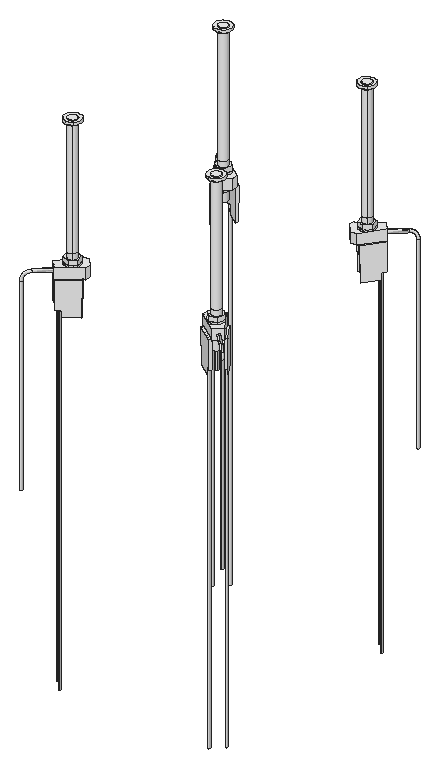
Revit family "ab9f1b93e9e94cec91088c0c75b12db6", category Structural Connections, host Face, Revit 2021
Family settings
  Host = Face
  Material for Model Behavior = Other
  Enable cutting in views = No
  Cut with Voids When Loaded = Yes
  Shared = No
Parameters (values of type "HCC 39-1450H")
  l = 2' - 11.43307"
  h [instance] = 2' - 7.49606"
  f = 0' - 6.49606"
  b [instance] = 1' - 11.62205"
  a = 0' - 1.9685"
  X = 0' - 1.45669"
  Type Comments = "Mountingpart"
  T = 0' - 1.77165"
  Phi = 0' - 2.16535"
  L [instance] = 4' - 11.05512"
  K = 0' - 7.67717"
  E = 0' - 2.3622"
  Default Elevation = 0' - 0"
  D = 0' - 9.64567"
  Column Shoe Type = Column Shoe and Anchor Bolt : HCC 39-1450H
  Column Shoe Material [instance] = Metal - Steel - S235
  C = 0' - 6.1811"
Types (10): name | l | h | f | b | a | X | T | Phi | K | D | Column Shoe Type | C
  HCC 39-1450H | 2' - 11.43307" | 2' - 7.49606" | 0' - 6.49606" | 1' - 11.62205" | 0' - 1.9685" | 0' - 1.45669" | 0' - 1.77165" | 0' - 2.16535" | 0' - 7.67717" | 0' - 9.64567" | Column Shoe and Anchor Bolt : HCC 39-1450H | 0' - 6.1811"
  HCC 39-1450S | 2' - 11.43307" | 4' - 11.05512" | 0' - 6.49606" | 3' - 3.37008" | 0' - 1.9685" | 0' - 1.45669" | 0' - 1.77165" | 0' - 2.16535" | 0' - 7.67717" | 0' - 9.64567" | Column Shoe and Anchor Bolt : HCC 39-1450S | 0' - 6.1811"
  HCC M36-1650H | 3' - 3.37008" | 4' - 11.05512" | 0' - 6.49606" | 3' - 3.37008" | 0' - 2.16535" | 0' - 1.45669" | 0' - 1.9685" | 0' - 2.16535" | 0' - 7.67717" | 0' - 9.64567" | Column Shoe and Anchor Bolt : HCC M36-1650H | 0' - 6.1811"
  HCC M36-1650S | 3' - 3.37008" | 4' - 11.05512" | 0' - 6.49606" | 3' - 3.37008" | 0' - 2.16535" | 0' - 1.45669" | 0' - 1.9685" | 0' - 2.16535" | 0' - 7.67717" | 0' - 9.64567" | Column Shoe and Anchor Bolt : HCC M36-1650S | 0' - 6.1811"
  HCC M39-1650H | 3' - 3.37008" | 4' - 11.05512" | 0' - 7.28346" | 3' - 3.37008" | 0' - 2.16535" | 0' - 1.45669" | 0' - 2.16535" | 0' - 2.16535" | 0' - 8.22835" | 0' - 10.51181" | Column Shoe and Anchor Bolt : HCC M39-1650H | 0' - 6.77165"
  HCC M39-1650S | 3' - 3.37008" | 4' - 11.05512" | 0' - 7.28346" | 3' - 3.37008" | 0' - 2.16535" | 0' - 1.45669" | 0' - 2.16535" | 0' - 2.16535" | 0' - 8.22835" | 0' - 10.51181" | Column Shoe and Anchor Bolt : HCC M39-1650S | 0' - 6.77165"
  HCC M45-2070H | 4' - 9.48031" | 4' - 11.05512" | 0' - 7.67717" | 3' - 3.37008" | 0' - 2.55906" | 0' - 1.45669" | 0' - 2.3622" | 0' - 2.55906" | 0' - 9.68504" | 1' - 0.48031" | Column Shoe and Anchor Bolt : HCC M45-2070H | 0' - 8.14961"
  HCC M45-2070S | 4' - 9.48031" | 4' - 11.05512" | 0' - 7.67717" | 3' - 3.37008" | 0' - 2.55906" | 0' - 1.45669" | 0' - 2.3622" | 0' - 2.55906" | 0' - 9.68504" | 1' - 0.48031" | Column Shoe and Anchor Bolt : HCC M45-2070S | 0' - 8.14961"
  HCC M52-2290H | 4' - 9.08661" | 4' - 11.05512" | 0' - 9.44882" | 3' - 3.37008" | 0' - 2.75591" | 0' - 1.37795" | 0' - 2.75591" | 0' - 2.75591" | 0' - 11.02362" | 1' - 2.40945" | Column Shoe and Anchor Bolt : HCC M52-2290H | 0' - 9.13386"
  HCC M52-2290S | 4' - 9.08661" | 4' - 11.05512" | 0' - 9.44882" | 3' - 3.37008" | 0' - 2.75591" | 0' - 1.37795" | 0' - 2.75591" | 0' - 2.75591" | 0' - 11.02362" | 1' - 2.40945" | Column Shoe and Anchor Bolt : HCC M52-2290S | 0' - 9.13386"
Reference planes (in)
  plane 1 "Center (Front/Back)": y = 0
  plane 2: z = 0
  plane 3 "Center (Left/Right)": x = 0
  plane 4: y = 15.74803
  plane 5: y = -15.74803
  plane 6: x = -11.81102
  plane 7: x = 11.81102
  plane 8: y = 14.29134
  plane 9: x = -10.35433
  plane 10: y = -14.29134
  plane 11: x = 10.35433
  plane 12: y = 7.87402
  plane 13: y = -7.87402
Lines and regions (in)
  reference lines
    curve 1: line (-11.81102, -15.74803, 0) -> (11.81102, 7.87402, 0)
    curve 2: line (-11.81102, 15.74803, 0) -> (11.81102, -7.87402, 0)
    curve 3: line (11.81102, 15.74803, 0) -> (-11.81102, -7.87402, 0)
    curve 4: line (11.81102, -15.74803, 0) -> (-11.81102, 7.87402, 0)
    curve 5: line (-10.35433, 15.74803, 0) -> (-11.81102, 14.29134, 0)
    curve 6: line (10.35433, 15.74803, 0) -> (11.81102, 14.29134, 0)
    curve 7: line (-11.81102, -14.29134, 0) -> (-10.35433, -15.74803, 0)
    curve 8: line (10.35433, -15.74803, 0) -> (11.81102, -14.29134, 0)
Dimensions and locks (in)
  equal spacing: plane 4, plane 1 "Center (Front/Back)", plane 5
  "h": plane 4 to plane 5
  equal spacing: plane 6, plane 3 "Center (Left/Right)", plane 7
  "b": plane 6 to plane 7
  "b": plane 12 to plane 5
  "b": plane 4 to plane 13
  "X": plane 4 to plane 8
  "X": plane 5 to plane 10
  "X": plane 6 to plane 9
  "X": plane 11 to plane 7
  aligned and locked: plane 2 to host face
  aligned and locked: level to host face
  aligned and locked: plane 4 to curve 2
  aligned and locked: plane 6 to curve 2
  aligned and locked: plane 12 to curve 4
  aligned and locked: plane 6 to curve 4
  aligned and locked: plane 13 to curve 3
  aligned and locked: plane 6 to curve 3
  aligned and locked: plane 5 to curve 1
  aligned and locked: plane 6 to curve 1
  aligned and locked: plane 5 to curve 4
  aligned and locked: plane 7 to curve 4
  aligned and locked: plane 13 to curve 2
  aligned and locked: plane 7 to curve 2
  aligned and locked: plane 12 to curve 1
  aligned and locked: plane 7 to curve 1
  aligned and locked: plane 4 to curve 3
  aligned and locked: plane 7 to curve 3
  aligned and locked: plane 8 to curve 6
  aligned and locked: plane 7 to curve 6
  aligned and locked: plane 4 to curve 6
  aligned and locked: plane 11 to curve 6
  aligned and locked: plane 4 to curve 5
  aligned and locked: plane 9 to curve 5
  aligned and locked: plane 8 to curve 5
  aligned and locked: plane 6 to curve 5
  aligned and locked: plane 10 to curve 7
  aligned and locked: plane 6 to curve 7
  aligned and locked: plane 5 to curve 7
  aligned and locked: plane 9 to curve 7
  aligned and locked: plane 5 to curve 8
  aligned and locked: plane 11 to curve 8
  aligned and locked: plane 10 to curve 8
  aligned and locked: plane 7 to curve 8
  aligned and locked: nested 1 to curve 5
  aligned and locked: nested 1 to curve 2
  aligned and locked: curve 6 to nested 5
  aligned and locked: nested 5 to curve 3
  aligned and locked: nested 3 to curve 7
  aligned and locked: nested 3 to curve 1
  aligned and locked: nested 7 to curve 8
  aligned and locked: nested 7 to curve 4
Automatic sketch dimensions
  host sketch curve to host sketch curve = 8' - 0"  (x2)
Nested families (in)
  nested 1: "Column Shoe and Anchor Bolt" at (-17.764, 21.70101, 0) x (0.7071, 0.7071, 0) z (0, 0, -1), type <- "Column Shoe Type", Column Shoe Material <- "Column Shoe Material", L <- "L", type "HCC 39-1450H"
    with L 4' - 11.05512", Column Shoe Material Metal - Steel - S235, Phi 0' - 2.16535", Semi Phi 0' - 1.08268", y2 0' - 4.3707", y1 0' - 0.64029", x3 0' - 1.79539", x2 0' - 3.34066", x1 0' - 2.06007", f 0' - 6.49606", X 0' - 1.45669", l 2' - 11.43307", k1 0' - 7.40967", d 0' - 9.44882", T 0' - 1.77165", Real K 0' - 7.60652", e1 0' - 2.31062", K 0' - 7.67717", E 0' - 2.3622", D 0' - 9.64567", C 0' - 6.1811", B2 0' - 4.72441", B 0' - 5.90551"
  nested 2: "HAB" at (-12.71654, 16.65354, -1.77165) x (0.7071, 0.7071, 0) z (0, 0, -1), type "HAB H39"
    with Anchor Bolt Material Metal - Steel - S235, l2 1' - 9.06299", l 2' - 3.55906", f1 0' - 2.75591", f 0' - 6.49606", r3 0' - 0.76772", r1 0' - 0.7874", d3 0' - 1.53543", d1 0' - 1.5748", Washers Radius 0' - 1.29921", T 0' - 1.77165", Phi 0' - 2.16535", Nut Width 0' - 2.2503", Cap Radius 0' - 1.41732"
  nested 3: "Column Shoe and Anchor Bolt" at (-17.764, -21.70101, 0) x (-0.7071, 0.7071, 0) z (0, 0, -1), type <- "Column Shoe Type", Column Shoe Material <- "Column Shoe Material", L <- "L", type "HCC 39-1450H"
    with L 4' - 11.05512", Column Shoe Material Metal - Steel - S235, Phi 0' - 2.16535", Semi Phi 0' - 1.08268", y2 0' - 4.3707", y1 0' - 0.64029", x3 0' - 1.79539", x2 0' - 3.34066", x1 0' - 2.06007", f 0' - 6.49606", X 0' - 1.45669", l 2' - 11.43307", k1 0' - 7.40967", d 0' - 9.44882", T 0' - 1.77165", Real K 0' - 7.60652", e1 0' - 2.31062", K 0' - 7.67717", E 0' - 2.3622", D 0' - 9.64567", C 0' - 6.1811", B2 0' - 4.72441", B 0' - 5.90551"
  nested 4: "HAB" at (-12.71654, -16.65354, -1.77165) x (-0.7071, 0.7071, 0) z (0, 0, -1), type "HAB H39"
    with Anchor Bolt Material Metal - Steel - S235, l2 1' - 9.06299", l 2' - 3.55906", f1 0' - 2.75591", f 0' - 6.49606", r3 0' - 0.76772", r1 0' - 0.7874", d3 0' - 1.53543", d1 0' - 1.5748", Washers Radius 0' - 1.29921", T 0' - 1.77165", Phi 0' - 2.16535", Nut Width 0' - 2.2503", Cap Radius 0' - 1.41732"
  nested 5: "Column Shoe and Anchor Bolt" at (17.764, 21.70101, 0) x (0.7071, -0.7071, 0) z (0, 0, -1), type <- "Column Shoe Type", Column Shoe Material <- "Column Shoe Material", L <- "L", type "HCC 39-1450H"
    with L 4' - 11.05512", Column Shoe Material Metal - Steel - S235, Phi 0' - 2.16535", Semi Phi 0' - 1.08268", y2 0' - 4.3707", y1 0' - 0.64029", x3 0' - 1.79539", x2 0' - 3.34066", x1 0' - 2.06007", f 0' - 6.49606", X 0' - 1.45669", l 2' - 11.43307", k1 0' - 7.40967", d 0' - 9.44882", T 0' - 1.77165", Real K 0' - 7.60652", e1 0' - 2.31062", K 0' - 7.67717", E 0' - 2.3622", D 0' - 9.64567", C 0' - 6.1811", B2 0' - 4.72441", B 0' - 5.90551"
  nested 6: "HAB" at (12.71654, 16.65354, -1.77165) x (0.7071, -0.7071, 0) z (0, 0, -1), type "HAB H39"
    with Anchor Bolt Material Metal - Steel - S235, l2 1' - 9.06299", l 2' - 3.55906", f1 0' - 2.75591", f 0' - 6.49606", r3 0' - 0.76772", r1 0' - 0.7874", d3 0' - 1.53543", d1 0' - 1.5748", Washers Radius 0' - 1.29921", T 0' - 1.77165", Phi 0' - 2.16535", Nut Width 0' - 2.2503", Cap Radius 0' - 1.41732"
  nested 7: "Column Shoe and Anchor Bolt" at (17.764, -21.70101, 0) x (-0.7071, -0.7071, 0) z (0, 0, -1), type <- "Column Shoe Type", Column Shoe Material <- "Column Shoe Material", L <- "L", type "HCC 39-1450H"
    with L 4' - 11.05512", Column Shoe Material Metal - Steel - S235, Phi 0' - 2.16535", Semi Phi 0' - 1.08268", y2 0' - 4.3707", y1 0' - 0.64029", x3 0' - 1.79539", x2 0' - 3.34066", x1 0' - 2.06007", f 0' - 6.49606", X 0' - 1.45669", l 2' - 11.43307", k1 0' - 7.40967", d 0' - 9.44882", T 0' - 1.77165", Real K 0' - 7.60652", e1 0' - 2.31062", K 0' - 7.67717", E 0' - 2.3622", D 0' - 9.64567", C 0' - 6.1811", B2 0' - 4.72441", B 0' - 5.90551"
  nested 8: "HAB" at (12.71654, -16.65354, -1.77165) x (-0.7071, -0.7071, 0) z (0, 0, -1), type "HAB H39"
    with Anchor Bolt Material Metal - Steel - S235, l2 1' - 9.06299", l 2' - 3.55906", f1 0' - 2.75591", f 0' - 6.49606", r3 0' - 0.76772", r1 0' - 0.7874", d3 0' - 1.53543", d1 0' - 1.5748", Washers Radius 0' - 1.29921", T 0' - 1.77165", Phi 0' - 2.16535", Nut Width 0' - 2.2503", Cap Radius 0' - 1.41732"
Definition of nested family "Column Shoe and Anchor Bolt"
  Parameters
    Type Comments = "Mountingpart"
    Phi = 0' - 1.06299"
    Semi Phi = 0.5 * Phi  # 0' - 0.5315"
    y2 = C * sin(45.00°)  # 0' - 2.44982"
    y1 = (E - X) * sin(45.00°)  # 0' - 0.55678"
    x3 = E * (2 * sin(45.00°) - C / d)  # 0' - 1.46153"
    x2 = 2 * E * sin(45.00°)  # 0' - 2.78388"
    x1 = 2 * X * sin(45.00°)  # 0' - 1.67033"
    t1 = 0' - 0.3937"
    f = 0' - 4.13386"
    a = 0' - 1.9685"
    X = 0' - 1.1811"
    l = 0' - 11.81102"
    k1 = d * sin(45.00°) + 0.5 * X  # 0' - 4.23744"
    d = D - R1  # 0' - 5.15748"
    T = 0' - 0.59055"
    O3 = 0' - 0.59055"
    O4 = 0' - 0.7874"
    O2 = 0' - 0.19685"
    O1 = 0' - 0.3937"
    L [instance] = 4' - 11.05512"
    Real K = R1 + k1  # 0' - 4.43429"
    e1 = (2 * E - X) * sin(45.00°)  # 0' - 1.94872"
    K = 0' - 4.40945"
    E = 0' - 1.9685"
    Default Elevation = 0' - 0"
    Semi dbr = 7 * R2  # 0' - 1.37795"
    D = 0' - 5.35433"
    Column Shoe Material [instance] = none
    C = 0' - 3.46457"
    R2 = 0' - 0.19685"
    R1 = 0' - 0.19685"
    Bolt Type = HAB : HAB H16
    B2 = B - 0' 1.1811"  # 0' - 2.16535"
    B = 0' - 3.34646"
  Reference planes (in)
    plane 1 "Center (Front/Back)": y = 0
    plane 2: z = 0
    plane 3 "Center (Left/Right)": x = 0
    plane 4: z = 0.59055
    plane 5: z = 0.29528
    plane 6: z = 11.81102
    plane 7: z = 3.93701
    plane 8: z = 2.75591
    plane 9: y = 5.15748
    plane 10: x = -1.39194
    plane 11: x = 1.39194
    plane 12: y = 4.6007
    plane 13: y = 2.15088
    plane 14: x = -0.83517
    plane 15: x = 0.83517
    plane 16: x = -0.73077
    plane 17: x = 0.73077
    plane 18: y = 3.20876
    plane 19: y = 2.93829
    plane 20: z = 62.99213
  Forms (in)
    Extrusion 1, solid
      sketch origin (0, 0, 0) x (1, 0, 0) y (0, 1, 0)
        loop
          line (-48, 48) -> (-48, -48) -> (48, -48) -> (48, 48) -> (-48, 48)
      from 0 to -12
    Sweep 2, solid, material <- "Column Shoe Material"
      path in 3D
        loop
          line (0, 0, 11.81102) -> (0, 0, 1.67323)
          arc (0, 0, 1.67323) -> (0, 0.40359, 0.69887) -> (0, 1.37795, 0.29528) r 1.37795
          line (0, 1.37795, 0.29528) -> (0, 2.81506, 0.29528)
      profile origin (0, 0.40359, 0.69887) x (0, 0.707107, 0.707107) y (1, 0, 0)
        loop
          circle (0, 0) r 0.19685
    Extrusion 3, void
      sketch origin (-0.03635, 4.65317, 0) x (1, 0, 0) y (0, 1, 0)
        loop
          circle (0.03635, -1.44441) r 0.5315
      from 0 to 3.93701
    Blend 4, solid, material <- "Column Shoe Material"
      base sketch origin (-0.18342, 0.17505, 0) x (-1, 0, 0) y (0, -1, 0)
        loop
          line (-1.47277, -4.04555) -> (-0.96547, -2.16589) -> (-1.34557, -2.0633) -> (-1.85287, -3.94297) -> (-1.47277, -4.04555)
      top sketch origin (-0.18342, 0.17505, 0) x (-1, 0, 0) y (0, -1, 0)
        loop
          line (-1.42148, -3.8555) -> (-0.96547, -2.16589) -> (-1.34557, -2.0633) -> (-1.80158, -3.75292) -> (-1.42148, -3.8555)
      from 0.59055 to 3.93701
    Extrusion 5, solid, material <- "Column Shoe Material"
      sketch origin (1.96539, -0.28862, 0) x (1, 0, 0) y (0, 1, 0)
        loop
          circle (-3.11256, 3.22691) r 0.19685
        loop
          circle (-0.81822, 3.22691) r 0.19685
      from 2.75591 to 62.99213
    Extrusion 6, void
      sketch origin (0, -1.92772, 0) x (0, -1, 0) y (0, 0, 1)
        loop
          line (-4.07861, 3.93701) -> (-4.86601, 3.93701) -> (-4.86601, 2.75591) -> (-4.07861, 2.75591) -> (-4.07861, 3.93701)
      from -1.39194 to 1.39194
    Extrusion 7, solid, material <- "Column Shoe Material"
      sketch origin (0, 0, 0) x (1, 0, 0) y (0, 1, 0)
        loop
          line (0.83517, 5.15748) -> (-0.83517, 5.15748) -> (-1.39194, 4.6007) -> (-0.73077, 2.15088) -> (0.73077, 2.15088) -> (1.39194, 4.6007) -> (0.83517, 5.15748)
        loop
          circle (0, 3.20876) r 0.5315
      from 0 to 0.59055
    Blend 8, solid, material <- "Column Shoe Material"
      base sketch origin (0.18342, 0.17505, 0) x (1, 0, 0) y (0, 1, 0)
        loop
          line (-1.47277, 4.04555) -> (-1.85287, 3.94297) -> (-1.34557, 2.0633) -> (-0.96547, 2.16589) -> (-1.47277, 4.04555)
      top sketch origin (0.18342, 0.17505, 0) x (1, 0, 0) y (0, 1, 0)
        loop
          line (-1.42148, 3.8555) -> (-1.80158, 3.75292) -> (-1.34557, 2.0633) -> (-0.96547, 2.16589) -> (-1.42148, 3.8555)
      from 0.59055 to 3.93701
  Cuts and joins
    Extrusion 3, Extrusion 6 cuts Sweep 2
    joined: Sweep 2, Extrusion 7
    Extrusion 6 cuts Blend 4
    Extrusion 6 cuts Blend 8
  Lines and regions (in)
    reference lines
      curve 1: line (0, 3.24836, 0.29528) -> (0, 1.37795, 0.29528)
      curve 2: line (0, 0, 1.67323) -> (0, 0, 11.81102)
      curve 3: arc (0, 0, 1.67323) -> (0, 0.40359, 0.69887) -> (0, 1.37795, 0.29528) r 1.37795
      curve 7: line (0.73077, 2.15088, 0) -> (1.39194, 4.6007, 0)
      curve 8: line (-0.73077, 2.15088, 0) -> (-1.39194, 4.6007, 0)
    sketch lines
      curve 4: arc (0, 0, 1.67323) -> (0, 0.40359, 0.69887) -> (0, 1.37795, 0.29528) r 1.37795
      curve 5: line (0, 2.81506, 0.29528) -> (0, 1.37795, 0.29528)
      curve 6: line (0, 0, 1.67323) -> (0, 0, 11.81102)
  Dimensions and locks (in)
    "T": plane 4 to level
    "l": plane 6 to plane 2
    equal spacing: plane 4, plane 5, plane 2
    "B": plane 7 to plane 4
    "B2": plane 4 to plane 8
    equal spacing: plane 16, plane 3 "Center (Left/Right)", plane 17
    equal spacing: plane 14, plane 3 "Center (Left/Right)", plane 15
    equal spacing: plane 10, plane 3 "Center (Left/Right)", plane 11
    "x2": plane 10 to plane 11
    "x1": plane 14 to plane 15
    "x3": plane 16 to plane 17
    "y1": plane 9 to plane 12
    "y2": plane 12 to plane 13
    "d": plane 9 to plane 1 "Center (Front/Back)"
    "e1": plane 9 to plane 18
    "t1": Blend 4 sketch curve to Blend 4 sketch curve  (x2)
    "O2": Extrusion 7 to Blend 4 sketch curve
    "O1": Blend 4 sketch curve to curve 7
    "O2": curve 7 to Blend 4 sketch curve
    "O4": plane 13 to plane 19
    equal spacing: cut or joined group of Blend 4, Extrusion 6, Extrusion 5 sketch curve, Extrusion 7
    "O3": Blend 4 sketch curve to curve 7
    "t1": Blend 8 sketch curve to Blend 8 sketch curve  (x2)
    "O1": curve 8 to Blend 8 sketch curve
    "O2": Blend 8 sketch curve to curve 8  (x2)
    "O3": curve 8 to Blend 8 sketch curve
    equal spacing: Blend 8, Extrusion 5 sketch curve, Blend 8
    "L": plane 20 to plane 7
    "Semi dbr": radius of curve 3
    "R1": radius of Sweep 2 sketch curve
    "R2": radius of Extrusion 5 sketch curve  (x2)
    "Semi Phi": radius of Extrusion 7 sketch curve
    locked: Extrusion 7 to Blend 4 sketch curve (angle 90.00°)
    aligned and locked: plane 2 to Extrusion 1
    aligned and locked: level to Extrusion 1
    aligned and locked: curve 1 to plane 5
    aligned and locked: plane 1 "Center (Front/Back)" to curve 2
    aligned and locked: plane 6 to curve 2
    aligned and locked: Extrusion 3 to Extrusion 1
    aligned and locked: Blend 4 to plane 4
    aligned and locked: plane 8 to Extrusion 5
    aligned and locked: Extrusion 6 sketch curve to Blend 4
    aligned and locked: Extrusion 3 sketch curve to Extrusion 7
    aligned and locked: plane 4 to Extrusion 7
    aligned and locked: Extrusion 7 sketch curve to plane 9
    aligned and locked: plane 3 "Center (Left/Right)" to Extrusion 7 sketch curve
    aligned and locked: plane 12 to Extrusion 7 sketch curve  (x2)
    aligned and locked: plane 18 to Extrusion 7 sketch curve
    aligned and locked: plane 15 to Extrusion 7 sketch curve
    aligned and locked: plane 9 to Extrusion 7 sketch curve
    aligned and locked: plane 13 to Extrusion 7 sketch curve
    aligned and locked: plane 17 to Extrusion 7 sketch curve
    aligned and locked: plane 14 to Extrusion 7 sketch curve
    aligned and locked: plane 10 to Extrusion 7 sketch curve
    aligned and locked: plane 16 to Extrusion 7 sketch curve
    aligned and locked: plane 12 to curve 7
    aligned and locked: plane 11 to curve 7
    aligned and locked: plane 17 to curve 7
    aligned and locked: plane 13 to curve 7
    aligned and locked: plane 12 to curve 8
    aligned and locked: plane 10 to curve 8
    aligned and locked: plane 16 to curve 8
    aligned and locked: plane 13 to curve 8
    aligned and locked: Blend 4 sketch curve to curve 7
    aligned and locked: var sketch to Blend 4 sketch curve
    aligned and locked: plane 19 to Extrusion 5 sketch curve  (x2)
    aligned and locked: var sketch to Blend 8 sketch curve
    aligned and locked: Extrusion 7 to Blend 8 sketch curve
    aligned and locked: Extrusion 6 to plane 19
    aligned and locked: Extrusion 6 to Extrusion 7
    aligned and locked: plane 7 to Extrusion 3
    aligned and locked: plane 7 to Blend 4
    aligned and locked: plane 7 to Blend 8
    aligned and locked: Blend 8 to plane 4
    aligned and locked: plane 20 to Extrusion 5
    aligned and locked: Extrusion 6 to plane 11
    aligned and locked: Extrusion 6 to plane 10
    aligned and locked: plane 3 "Center (Left/Right)" to nested 1
    aligned and locked: nested 1 to plane 18
  Automatic sketch dimensions
    Extrusion 1 sketch curve to Extrusion 1 sketch curve = 8' - 0"  (x2)
    plane 18 to curve 1 = 0' - 0.03959"
    Sweep 2 sketch curve to profile plane = 0' - 0"  (x2)
    plane 8 to Extrusion 6 sketch curve = 0' - 0"
    Extrusion 6 sketch curve to plane 13 = 0' - 0.7874"
    Extrusion 6 sketch curve to plane 1 "Center (Front/Back)" = 0' - 2.15088"
    Extrusion 7 sketch curve to plane 11 = 0' - 0"
  Nested families (in)
    nested 1: "HAB" at (0, 3.20876, 0.59055), type <- "Bolt Type", type "HAB H16"
      with Anchor Bolt Material none, l2 0' - 6.88976", l 0' - 11.02362", f1 0' - 1.5748", f 0' - 4.13386", r3 0' - 0.31496", r1 0' - 0.31496", d3 0' - 0.62992", d1 0' - 0.62992", Washers Radius 0' - 0.6378", T 0' - 0.59055", Phi 0' - 1.06299", Nut Width 0' - 1.10469", Cap Radius 0' - 0.56693"
  Definition of nested family "HAB"
    Parameters
      l2 = 0' - 9.25197"
      l = 1' - 1.77953"
      f1 = f - a - T  # 0' - 1.77165"
      f = 0' - 4.52756"
      r3 = 0.5 * d3  # 0' - 0.3937"
      r1 = 0.5 * d1  # 0' - 0.3937"
      d3 = 0' - 0.7874"
      d1 = 0' - 0.7874"
      a = 0' - 1.9685"
      Washers Thickness = 0' - 0.19685"
      Washers Radius = 0.5 * Phi * 1.2  # 0' - 0.70866"
      Type Comments = "Mountingpart"
      T = 0' - 0.7874"
      Phi = 0' - 1.1811"
      Nut Width = 2 * Washers Radius * cos(30.00°)  # 0' - 1.22744"
      Nut Thickness = 0' - 0.7874"
      Cap = yes
      Anchor Bolt Material [instance] = none
      Default Elevation = 0' - 0"
      Cap Thickness = Nut Thickness  # 0' - 0.7874"
      Cap Radius = d1 * 0.9  # 0' - 0.70866"
    Reference planes (in)
      plane 1 "Center (Front/Back)": y = 0
      plane 2: z = 0
      plane 3 "Center (Left/Right)": x = 0
      plane 4: z = 0.19685
      plane 5: z = -0.7874
      plane 6: z = -0.98425
      plane 7: z = 0.98425
      plane 8: z = -1.77165
      plane 9: y = 0.35433
      plane 10: y = -0.35433
      plane 11: y = 0.70866
      plane 12: y = -0.70866
      plane 13: z = 1.77165
      plane 14: z = -12.00787
      plane 15: z = -11.22047
      plane 16: z = -2.75591
      plane 17: z = -11.61417
      plane 18: x = -0.61372
      plane 19: x = 0.61372
    Forms (in)
      Extrusion 1, solid
        sketch origin (0, 0, 0) x (1, 0, 0) y (0, 1, 0)
          loop
            line (-48, 48) -> (-48, -48) -> (48, -48) -> (48, 48) -> (-48, 48)
        from 0 to -6.78513
      Extrusion 2, solid, material <- "Anchor Bolt Material"
        sketch origin (0, 0, 0) x (1, 0, 0) y (0, 1, 0)
          loop
            circle (0, 0) r 0.3937
        from -2.75591 to 1.77165
      Extrusion 3, solid, material <- "Anchor Bolt Material"
        sketch origin (0, 0, 0) x (1, 0, 0) y (0, 1, 0)
          loop
            circle (0, 0) r 0.70866
        from 0 to 0.19685
      Extrusion 4, solid, material <- "Anchor Bolt Material"
        sketch origin (0, 0, -14.37008) x (1, 0, 0) y (0, 1, 0)
          loop
            circle (0, 0) r 0.70866
        from 13.38583 to 13.58268
      Extrusion 5, solid, material <- "Anchor Bolt Material"
        sketch origin (0, 0, 0) x (1, 0, 0) y (0, 1, 0)
          loop
            line (0, 0.70866) -> (-0.61372, 0.35433) -> (-0.61372, -0.35433) -> (0, -0.70866) -> (0.61372, -0.35433) -> (0.61372, 0.35433) -> (0, 0.70866)
        from 0.19685 to 0.98425
      Extrusion 6, solid, material <- "Anchor Bolt Material"
        sketch origin (0, 0, -15.74803) x (1, 0, 0) y (0, 1, 0)
          loop
            line (-0.61372, 0.35433) -> (-0.61372, -0.35433) -> (0, -0.70866) -> (0.61372, -0.35433) -> (0.61372, 0.35433) -> (0, 0.70866) -> (-0.61372, 0.35433)
        from 13.97638 to 14.76378
      Extrusion 7, solid, material <- "Anchor Bolt Material"
        sketch origin (0, 0, -2.96548) x (1, 0, 0) y (0, 1, 0)
          loop
            circle (0, 0) r 0.3937
        from -9.04239 to 0.20957
      Blend 8, solid, material <- "Anchor Bolt Material", visible <- "Cap"
        base sketch origin (-1.67336, -180, -11.22047) x (-1, 0, 0) y (0, -1, 0)
          loop
            circle (-1.67336, -180) r 0.3937
        top sketch origin (-1.67336, -180, -11.22047) x (-1, 0, 0) y (0, -1, 0)
          loop
            circle (-1.67336, -180) r 0.70866
        from 0 to -0.3937
      Extrusion 9, solid, material <- "Anchor Bolt Material", visible <- "Cap"
        sketch origin (-1.41732, -180, -12.00787) x (-1, 0, 0) y (0, -1, 0)
          loop
            circle (-1.41732, -180) r 0.70866
        from 0 to 0.3937
    Cuts and joins
      joined: Extrusion 2, Extrusion 3, Extrusion 4, Extrusion 5, Extrusion 6, Extrusion 7
      joined: Blend 8, Extrusion 9
    Dimensions and locks (in)
      "T": plane 2 to plane 5
      "Washers Thickness": plane 5 to plane 6
      "Washers Thickness": plane 4 to level
      "Nut Thickness": plane 7 to plane 4
      "Nut Thickness": plane 6 to plane 8
      "Washers Radius": plane 1 "Center (Front/Back)" to plane 11
      "Washers Radius": plane 12 to plane 1 "Center (Front/Back)"
      equal spacing: plane 9, plane 1 "Center (Front/Back)", plane 10
      "Washers Radius": plane 9 to plane 10
      "l": plane 13 to plane 14
      "Cap Thickness": plane 15 to plane 14
      "l2": plane 16 to plane 14
      "f1": plane 13 to plane 2
      equal spacing: plane 15, plane 17, plane 14
      equal spacing: plane 18, plane 3 "Center (Left/Right)", plane 19
      "Nut Width": plane 18 to plane 19
      "r3": radius of Extrusion 2 sketch curve
      "Washers Radius": radius of Extrusion 3 sketch curve
      "Washers Radius": radius of Extrusion 4 sketch curve
      "r1": radius of Extrusion 7 sketch curve
      "r1": radius of Blend 8 sketch curve
      "Cap Radius": radius of Blend 8 sketch curve
      "Cap Radius": radius of Extrusion 9 sketch curve
      aligned and locked: plane 2 to Extrusion 1
      aligned and locked: level to Extrusion 1
      aligned and locked: plane 1 "Center (Front/Back)" to Extrusion 2 sketch curve
      aligned and locked: plane 3 "Center (Left/Right)" to Extrusion 2 sketch curve
      aligned and locked: plane 1 "Center (Front/Back)" to Extrusion 3 sketch curve
      aligned and locked: plane 3 "Center (Left/Right)" to Extrusion 3 sketch curve
      aligned and locked: plane 4 to Extrusion 3
      aligned and locked: Extrusion 3 to level
      aligned and locked: plane 5 to Extrusion 4
      aligned and locked: Extrusion 4 to plane 6
      aligned and locked: plane 1 "Center (Front/Back)" to Extrusion 4 sketch curve
      aligned and locked: plane 3 "Center (Left/Right)" to Extrusion 4 sketch curve
      aligned and locked: plane 7 to Extrusion 5
      aligned and locked: Extrusion 5 to plane 4
      aligned and locked: plane 11 to Extrusion 5 sketch curve
      aligned and locked: plane 3 "Center (Left/Right)" to Extrusion 5 sketch curve  (x2)
      aligned and locked: plane 12 to Extrusion 5 sketch curve
      aligned and locked: plane 10 to Extrusion 5 sketch curve  (x2)
      aligned and locked: plane 6 to Extrusion 6
      aligned and locked: Extrusion 6 to plane 8
      aligned and locked: plane 13 to Extrusion 2
      aligned: Extrusion 2 to plane 14
      aligned and locked: plane 10 to Extrusion 6 sketch curve  (x2)
      aligned and locked: Extrusion 2 to plane 16
      aligned: Extrusion 7 to plane 15
      aligned and locked: plane 1 "Center (Front/Back)" to Blend 8 sketch curve  (x2)
      aligned and locked: plane 3 "Center (Left/Right)" to Blend 8 sketch curve  (x2)
      aligned and locked: Blend 8 to plane 17
      aligned and locked: plane 15 to Blend 8
      aligned and locked: plane 1 "Center (Front/Back)" to Extrusion 9 sketch curve
      aligned and locked: plane 3 "Center (Left/Right)" to Extrusion 9 sketch curve
      aligned and locked: plane 17 to Extrusion 9
      aligned and locked: plane 18 to Extrusion 5 sketch curve
      aligned and locked: Extrusion 5 sketch curve to plane 19
      aligned and locked: plane 9 to Extrusion 5 sketch curve  (x2)
      aligned and locked: plane 19 to Extrusion 6 sketch curve
      aligned and locked: plane 18 to Extrusion 6 sketch curve
      aligned and locked: plane 9 to Extrusion 6 sketch curve  (x2)
      aligned and locked: plane 11 to Extrusion 6 sketch curve
      aligned and locked: plane 3 "Center (Left/Right)" to Extrusion 6 sketch curve  (x2)
      aligned and locked: plane 12 to Extrusion 6 sketch curve
      aligned and locked: Extrusion 7 to plane 14
      aligned and locked: plane 16 to Extrusion 7
    Automatic sketch dimensions
      Extrusion 1 sketch curve to Extrusion 1 sketch curve = 8' - 0"  (x2)
      plane 1 "Center (Front/Back)" to Extrusion 7 sketch curve = 0' - 0"
      Extrusion 7 sketch curve to plane 3 "Center (Left/Right)" = 0' - 0"
Definition of nested family "HAB"
  Parameters
    l2 = 0' - 9.25197"
    l = 1' - 1.77953"
    f1 = f - a - T  # 0' - 1.77165"
    f = 0' - 4.52756"
    r3 = 0.5 * d3  # 0' - 0.3937"
    r1 = 0.5 * d1  # 0' - 0.3937"
    d3 = 0' - 0.7874"
    d1 = 0' - 0.7874"
    a = 0' - 1.9685"
    Washers Thickness = 0' - 0.19685"
    Washers Radius = 0.5 * Phi * 1.2  # 0' - 0.70866"
    Type Comments = "Mountingpart"
    T = 0' - 0.7874"
    Phi = 0' - 1.1811"
    Nut Width = 2 * Washers Radius * cos(30.00°)  # 0' - 1.22744"
    Nut Thickness = 0' - 0.7874"
    Cap = yes
    Anchor Bolt Material [instance] = none
    Default Elevation = 0' - 0"
    Cap Thickness = Nut Thickness  # 0' - 0.7874"
    Cap Radius = d1 * 0.9  # 0' - 0.70866"
  Reference planes (in)
    plane 1 "Center (Front/Back)": y = 0
    plane 2: z = 0
    plane 3 "Center (Left/Right)": x = 0
    plane 4: z = 0.19685
    plane 5: z = -0.7874
    plane 6: z = -0.98425
    plane 7: z = 0.98425
    plane 8: z = -1.77165
    plane 9: y = 0.35433
    plane 10: y = -0.35433
    plane 11: y = 0.70866
    plane 12: y = -0.70866
    plane 13: z = 1.77165
    plane 14: z = -12.00787
    plane 15: z = -11.22047
    plane 16: z = -2.75591
    plane 17: z = -11.61417
    plane 18: x = -0.61372
    plane 19: x = 0.61372
  Forms (in)
    Extrusion 1, solid
      sketch origin (0, 0, 0) x (1, 0, 0) y (0, 1, 0)
        loop
          line (-48, 48) -> (-48, -48) -> (48, -48) -> (48, 48) -> (-48, 48)
      from 0 to -6.78513
    Extrusion 2, solid, material <- "Anchor Bolt Material"
      sketch origin (0, 0, 0) x (1, 0, 0) y (0, 1, 0)
        loop
          circle (0, 0) r 0.3937
      from -2.75591 to 1.77165
    Extrusion 3, solid, material <- "Anchor Bolt Material"
      sketch origin (0, 0, 0) x (1, 0, 0) y (0, 1, 0)
        loop
          circle (0, 0) r 0.70866
      from 0 to 0.19685
    Extrusion 4, solid, material <- "Anchor Bolt Material"
      sketch origin (0, 0, -14.37008) x (1, 0, 0) y (0, 1, 0)
        loop
          circle (0, 0) r 0.70866
      from 13.38583 to 13.58268
    Extrusion 5, solid, material <- "Anchor Bolt Material"
      sketch origin (0, 0, 0) x (1, 0, 0) y (0, 1, 0)
        loop
          line (0, 0.70866) -> (-0.61372, 0.35433) -> (-0.61372, -0.35433) -> (0, -0.70866) -> (0.61372, -0.35433) -> (0.61372, 0.35433) -> (0, 0.70866)
      from 0.19685 to 0.98425
    Extrusion 6, solid, material <- "Anchor Bolt Material"
      sketch origin (0, 0, -15.74803) x (1, 0, 0) y (0, 1, 0)
        loop
          line (-0.61372, 0.35433) -> (-0.61372, -0.35433) -> (0, -0.70866) -> (0.61372, -0.35433) -> (0.61372, 0.35433) -> (0, 0.70866) -> (-0.61372, 0.35433)
      from 13.97638 to 14.76378
    Extrusion 7, solid, material <- "Anchor Bolt Material"
      sketch origin (0, 0, -2.96548) x (1, 0, 0) y (0, 1, 0)
        loop
          circle (0, 0) r 0.3937
      from -9.04239 to 0.20957
    Blend 8, solid, material <- "Anchor Bolt Material", visible <- "Cap"
      base sketch origin (-1.67336, -180, -11.22047) x (-1, 0, 0) y (0, -1, 0)
        loop
          circle (-1.67336, -180) r 0.3937
      top sketch origin (-1.67336, -180, -11.22047) x (-1, 0, 0) y (0, -1, 0)
        loop
          circle (-1.67336, -180) r 0.70866
      from 0 to -0.3937
    Extrusion 9, solid, material <- "Anchor Bolt Material", visible <- "Cap"
      sketch origin (-1.41732, -180, -12.00787) x (-1, 0, 0) y (0, -1, 0)
        loop
          circle (-1.41732, -180) r 0.70866
      from 0 to 0.3937
  Cuts and joins
    joined: Extrusion 2, Extrusion 3, Extrusion 4, Extrusion 5, Extrusion 6, Extrusion 7
    joined: Blend 8, Extrusion 9
  Dimensions and locks (in)
    "T": plane 2 to plane 5
    "Washers Thickness": plane 5 to plane 6
    "Washers Thickness": plane 4 to level
    "Nut Thickness": plane 7 to plane 4
    "Nut Thickness": plane 6 to plane 8
    "Washers Radius": plane 1 "Center (Front/Back)" to plane 11
    "Washers Radius": plane 12 to plane 1 "Center (Front/Back)"
    equal spacing: plane 9, plane 1 "Center (Front/Back)", plane 10
    "Washers Radius": plane 9 to plane 10
    "l": plane 13 to plane 14
    "Cap Thickness": plane 15 to plane 14
    "l2": plane 16 to plane 14
    "f1": plane 13 to plane 2
    equal spacing: plane 15, plane 17, plane 14
    equal spacing: plane 18, plane 3 "Center (Left/Right)", plane 19
    "Nut Width": plane 18 to plane 19
    "r3": radius of Extrusion 2 sketch curve
    "Washers Radius": radius of Extrusion 3 sketch curve
    "Washers Radius": radius of Extrusion 4 sketch curve
    "r1": radius of Extrusion 7 sketch curve
    "r1": radius of Blend 8 sketch curve
    "Cap Radius": radius of Blend 8 sketch curve
    "Cap Radius": radius of Extrusion 9 sketch curve
    aligned and locked: plane 2 to Extrusion 1
    aligned and locked: level to Extrusion 1
    aligned and locked: plane 1 "Center (Front/Back)" to Extrusion 2 sketch curve
    aligned and locked: plane 3 "Center (Left/Right)" to Extrusion 2 sketch curve
    aligned and locked: plane 1 "Center (Front/Back)" to Extrusion 3 sketch curve
    aligned and locked: plane 3 "Center (Left/Right)" to Extrusion 3 sketch curve
    aligned and locked: plane 4 to Extrusion 3
    aligned and locked: Extrusion 3 to level
    aligned and locked: plane 5 to Extrusion 4
    aligned and locked: Extrusion 4 to plane 6
    aligned and locked: plane 1 "Center (Front/Back)" to Extrusion 4 sketch curve
    aligned and locked: plane 3 "Center (Left/Right)" to Extrusion 4 sketch curve
    aligned and locked: plane 7 to Extrusion 5
    aligned and locked: Extrusion 5 to plane 4
    aligned and locked: plane 11 to Extrusion 5 sketch curve
    aligned and locked: plane 3 "Center (Left/Right)" to Extrusion 5 sketch curve  (x2)
    aligned and locked: plane 12 to Extrusion 5 sketch curve
    aligned and locked: plane 10 to Extrusion 5 sketch curve  (x2)
    aligned and locked: plane 6 to Extrusion 6
    aligned and locked: Extrusion 6 to plane 8
    aligned and locked: plane 13 to Extrusion 2
    aligned: Extrusion 2 to plane 14
    aligned and locked: plane 10 to Extrusion 6 sketch curve  (x2)
    aligned and locked: Extrusion 2 to plane 16
    aligned: Extrusion 7 to plane 15
    aligned and locked: plane 1 "Center (Front/Back)" to Blend 8 sketch curve  (x2)
    aligned and locked: plane 3 "Center (Left/Right)" to Blend 8 sketch curve  (x2)
    aligned and locked: Blend 8 to plane 17
    aligned and locked: plane 15 to Blend 8
    aligned and locked: plane 1 "Center (Front/Back)" to Extrusion 9 sketch curve
    aligned and locked: plane 3 "Center (Left/Right)" to Extrusion 9 sketch curve
    aligned and locked: plane 17 to Extrusion 9
    aligned and locked: plane 18 to Extrusion 5 sketch curve
    aligned and locked: Extrusion 5 sketch curve to plane 19
    aligned and locked: plane 9 to Extrusion 5 sketch curve  (x2)
    aligned and locked: plane 19 to Extrusion 6 sketch curve
    aligned and locked: plane 18 to Extrusion 6 sketch curve
    aligned and locked: plane 9 to Extrusion 6 sketch curve  (x2)
    aligned and locked: plane 11 to Extrusion 6 sketch curve
    aligned and locked: plane 3 "Center (Left/Right)" to Extrusion 6 sketch curve  (x2)
    aligned and locked: plane 12 to Extrusion 6 sketch curve
    aligned and locked: Extrusion 7 to plane 14
    aligned and locked: plane 16 to Extrusion 7
  Automatic sketch dimensions
    Extrusion 1 sketch curve to Extrusion 1 sketch curve = 8' - 0"  (x2)
    plane 1 "Center (Front/Back)" to Extrusion 7 sketch curve = 0' - 0"
    Extrusion 7 sketch curve to plane 3 "Center (Left/Right)" = 0' - 0"
